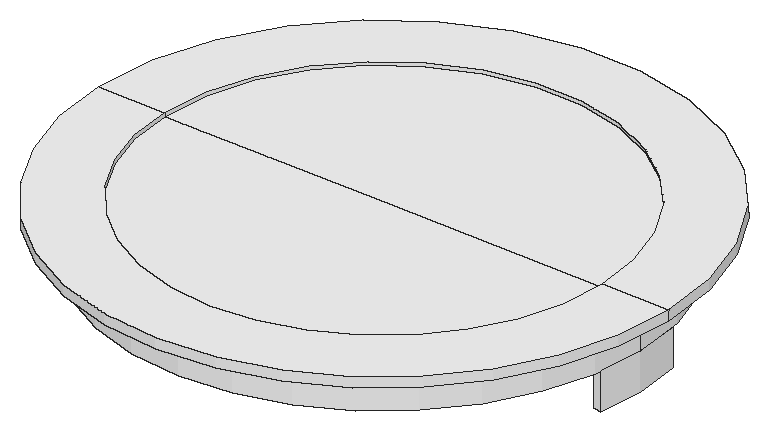
Revit family "0053974", category Lighting Fixtures, host Face, Revit 2017
Family settings
  Host = Face
  Round Connector Dimension = Use Diameter
  Part Type = Normal
  OmniClass Number = 23.80.70.11.14.11
  OmniClass Title = Downlights
  Cut with Voids When Loaded = No
  Light Source = Yes
  Shared = No
  Room Calculation Point = No
Parameters (values of type "0053974 SYLFLAT 155 IP44 1100LM 840 DIM ")
  Weight = "6.912 kg"
  Wattage Comments = "n/a"
  Wattage = 13 W
  WarrantyStartDate [instance] = "n/a"
  WarrantyGuarantorParts = "n/a"
  WarrantyDurationUnit = "year"
  WarrantyDurationParts = "n/a"
  WarrantyDescription = "n/a"
  built-in parameter 1150110 = 1 (stored number, unit not read)
  Voltage = 230 V
  URL = "http://www.sylvania-lighting.com"
  TypeName = "SYLFLAT 155 IP44 1100LM 840 DIM"
  Type Image = <None>
  Type Comments = "n/a"
  built-in parameter 1114217 = 1 (stored number, unit not read)
  Tilt Angle = -90.00°
  built-in parameter 1150109 = 1 (stored number, unit not read)
  built-in parameter 1150134 = 12
  built-in parameter 1150113 = 1 (stored number, unit not read)
  SpringMountStartAngle_FEILO = -SpringMountEndAngle_FEILO  # -10.00°
  SpringMountEndAngle_FEILO = 10.00°
  SerialNumber [instance] = "n/a"
  ReflectorMaterial = none
  RecessedHeight_FEILO = 22 mm
  RecessedDiameter_FEILO = 155 mm
  PowerFactor = 0
  PowerConsumption = "13 W"
  Photometric Web File = "0053974.ies"
  NominalLength = 172 mm
  NominalHeight = 22 mm
  NominalDepth = 172 mm
  Name = "SYLFLAT 155 IP44 1100LM 840 DIM"
  ModelReference = Name  # "SYLFLAT 155 IP44 1100LM 840 DIM"
  ModelNumber = "0053974"
  Model = Name  # "SYLFLAT 155 IP44 1100LM 840 DIM"
  Material = "Aluminium"
  ManufacturerName = "Feilo Sylvania"
  Manufacturer = "Feilo Sylvania"
  LuminousEfficacy = "84.61 lm/W"
  built-in parameter 1150105 = 87.535 (stored number, unit not read)
  Lumens = 1100 lm
  LuminaireType = "LED recessed downlight"
  built-in parameter 1150115 = 1 (stored number, unit not read)
  LightOutputRatio = "1"
  built-in parameter 1150137 = (empty or 0)
  built-in parameter 1150139 = (empty or 0)
  LampsType = Lamp  # "LED"
  LampNominalLuminous = "1100 lm"
  LampMacAdamStep = "n/a"
  LampColourTemperature = "4000 K"
  LampColourRenderingIndex = "80"
  built-in parameter 1150112 = 1 (stored number, unit not read)
  built-in parameter 1150114 = 1 (stored number, unit not read)
  Lamp = "LED"
  Keynote = "16500"
  InstallationDate [instance] = "n/a"
  InputVoltage = "220-240V~"
  InputNominalFrequency = "50/60 Hz"
  built-in parameter 1150132 = (empty or 0)
  built-in parameter 1150102 = (empty or 0)
  built-in parameter 1150107 = 4000 (stored number, unit not read)
  built-in parameter 1150138 = (empty or 0)
  IngressProtection = "IP44"
  ImpactProtectionIndex = "IK06"
  built-in parameter 1150106 = 0.87535 (stored number, unit not read)
  IfcExportType = "IfcLightFixtureType"
  IfcExportAs = "IfcLightFixtureType"
  ExpectedLife = 50000
  Emit from Circle Diameter = 132 mm
  Emit Shape Visible in Rendering = no
  ElectricShockClassification = "Class II"
  built-in parameter 1150104 = 7.861 (stored number, unit not read)
  DurationUnit = "hours"
  DocumentationLiterature = "http://www.sylvania-lighting.com/product/en-int/products/0053974"
  DimmingControlOptions = "Dimmable"
  Dimming Lamp Color Temperature Shift = <None>
  DiffuserMaterial = Diffuser-Sylvania-Glow
  Description = "Integrated LED recessed downlight providing 1190 fixture lumens at a wattage of 13W giving a high efficacy of 92lm/W. Fitting includes Leading/Trailing edge phase dimmable driver and has a round ceiling cut out of 155mm with an IP20 and IK02 rating providing uniform distribution with an Opal diffuser and 110° beam angle. Provided including a Loop in Loop out box and built Built white aluminium housing."
  Default Elevation = 1219.2 mm
  CutoutHeight_FEILO = RecessedHeight_FEILO + 10 mm  # 32 mm
  CreatedOn = "03-11-2017"
  CreatedBy = "aron.fodor@feilosylvania.com"
  Cost = 0
  Color Filter = 16777215
  built-in parameter 1114216 [instance] = (empty or 0)
  ClassificationValue = "EF_70_80"
  ClassificationName = "Uniclass2015"
  BodyWidth_FEILO = 172 mm
  BodyMaterial = Body-Sylvania-SylFlatDimmable-White
  BodyLength_FEILO = 172 mm
  BodyHeight_FEILO = 11 mm
  BarCode [instance] = "n/a"
  built-in parameter 1114218 = 1 (stored number, unit not read)
  built-in parameter 1150133 = 10 (stored number, unit not read)
  AssetType = "Fixed"
  AssetIdentifier [instance] = "n/a"
  Assembly Code = "D5020200"
  Apparent Load = 13 VA
  AccessoryMaterial = Diffuser-Sylvania-Glow
Reference planes
  plane 1 "Center (Front/Back)": y = 0
  plane 2: z = 0
  plane 3 "Center (Left/Right)": x = 0
  plane 4: x = 86
  plane 5: x = -86
  plane 6: y = 86
  plane 7: y = -86
  plane 8: z = 3
  plane 9: z = -22
  plane 10: x = 77.5
  plane 11: x = -77.5
  plane 12: y = 77.5
  plane 13: y = -77.5
  plane 14: z = 2
  plane 15: x = -66
  plane 16: z = -11
  plane 17: x = -75
  plane 18: x = 75
  plane 19: z = -32
Forms (mm)
  Revolve 1, solid, material "Body-Sylvania-SylFlatDimmable-White" <- "BodyMaterial"
    sketch origin (0, 0, 0) x (1, 0, 0) y (0, 0, 1)
      loop
        line (0, -11) -> (0, 2) -> (-66, 2) -> (-66, 3) -> (-86, 3) -> (-86, 0) -> (-77.5, 0) -> (-77.5, -11) -> (0, -11)
      axis (0, 3) -> (0, -11)
    angle from 360 to 0
  Revolve 2, solid, material "Body-Sylvania-SylFlatDimmable-White" <- "BodyMaterial"
    sketch origin (0.654, 0, 0) x (1, 0, 0) y (0, 0, 1)
      loop
        line (-78.154, -11) -> (-78.154, -22) -> (-75.654, -22) -> (-75.654, -11) -> (-78.154, -11)
      axis (-0.654, -11) -> (-0.654, -22)
    angle from -10 <- "SpringMountStartAngle_FEILO" to 10 <- "SpringMountEndAngle_FEILO"
  Revolve 3, solid, material "Body-Sylvania-SylFlatDimmable-White" <- "BodyMaterial"
    sketch origin (0, 0, 0) x (1, 0, 0) y (0, 0, 1)
      loop
        line (77.5, -11) -> (75, -11) -> (75, -22) -> (77.5, -22) -> (77.5, -11)
      axis (0, -11) -> (0, -22)
    angle from -10 <- "SpringMountStartAngle_FEILO" to 10 <- "SpringMountEndAngle_FEILO"
  Revolve 4, void
    sketch origin (0, 0, 0) x (1, 0, 0) y (0, 0, 1)
      loop
        line (0, 0) -> (-77.5, 0) -> (-77.5, -32) -> (0, -32) -> (0, 0)
      axis (0, 0) -> (0, -32)
    angle from 360 to 0
Cuts and joins
  joined: Revolve 1, Revolve 2, Revolve 3
Dimensions and locks
  equal spacing: plane 5, plane 3 "Center (Left/Right)", plane 4
  equal spacing: plane 7, plane 1 "Center (Front/Back)", plane 6
  "BodyWidth_FEILO": plane 7 to plane 6
  "BodyLength_FEILO": plane 5 to plane 4
  "RecessedHeight_FEILO": plane 2 to plane 9
  locked: plane 8 to plane 2 at 3
  equal spacing: plane 11, plane 3 "Center (Left/Right)", plane 10
  "RecessedDiameter_FEILO": plane 11 to plane 10
  equal spacing: plane 13, plane 1 "Center (Front/Back)", plane 12
  "RecessedDiameter_FEILO": plane 13 to plane 12
  locked: plane 14 to plane 2 at 2
  locked: plane 15 to plane 5 at 20
  "BodyHeight_FEILO": plane 2 to plane 16
  equal spacing: plane 18, plane 3 "Center (Left/Right)", plane 17
  locked: plane 17 to plane 11 at 2.5
  "CutoutHeight_FEILO": plane 2 to plane 19
  aligned and locked: plane 2 to host face
  aligned and locked: level to host face
  aligned and locked: plane 3 "Center (Left/Right)" to Revolve 1 sketch curve
  aligned and locked: Revolve 1 sketch curve to plane 14
  aligned and locked: plane 15 to Revolve 1 sketch curve
  aligned and locked: Revolve 1 sketch curve to plane 8
  aligned and locked: Revolve 1 sketch curve to plane 5
  aligned and locked: Revolve 1 sketch curve to plane 11
  aligned and locked: Revolve 1 sketch curve to plane 3 "Center (Left/Right)"
  aligned and locked: Revolve 1 sketch curve to level
  aligned and locked: plane 16 to Revolve 1 sketch curve
  aligned and locked: Revolve 2 sketch curve to Revolve 1  (x2)
  aligned and locked: Revolve 2 sketch curve to plane 9
  aligned and locked: Revolve 2 sketch curve to plane 17
  aligned and locked: Revolve 2 sketch curve to plane 3 "Center (Left/Right)"
  aligned and locked: Revolve 3 sketch curve to plane 3 "Center (Left/Right)"
  aligned and locked: Revolve 3 sketch curve to Revolve 1  (x2)
  aligned and locked: plane 9 to Revolve 3 sketch curve
  aligned and locked: Revolve 3 sketch curve to plane 18
  aligned and locked: Revolve 4 sketch curve to plane 3 "Center (Left/Right)"
  aligned and locked: plane 19 to Revolve 4 sketch curve
  aligned and locked: plane 3 "Center (Left/Right)" to Revolve 4 sketch curve
  aligned and locked: Revolve 4 sketch curve to plane 11
  aligned and locked: level to Revolve 4 sketch curve
  aligned and locked: imposter light to plane 14
  aligned and locked: plane 3 "Center (Left/Right)" to imposter light
  aligned and locked: imposter light to plane 1 "Center (Front/Back)"
Automatic sketch dimensions
  host sketch curve to host sketch curve = 2438.4 mm  (x2)
  plane 9 to Revolve 1 sketch curve = 587.6 mm
  Revolve 1 sketch curve to plane 8 = 2606.058 mm
  plane 9 to Revolve 2 sketch curve = 587.6 mm
  Revolve 2 sketch curve to plane 8 = 2606.058 mm
  plane 9 to Revolve 3 sketch curve = 587.6 mm
  Revolve 3 sketch curve to plane 8 = 2606.058 mm
  plane 19 to Revolve 4 sketch curve = 577.6 mm
  Revolve 4 sketch curve to plane 8 = 2606.058 mm
Connectors
  electrical at (0, 0, 0), driven by "Apparent Load", driven by "PowerFactor", driven by "Voltage"
    settings: index 1, voltage 230 V, apparent load 13 VA, apparent load phase1 0 VA, apparent load phase2 0 VA, apparent load phase3 0 VA, power factor 0, load classification "Lighting", number of poles 1, system type 30, power factor state 1, is connector primary yes, connector utility no, sub classification motor no, connector description ""
